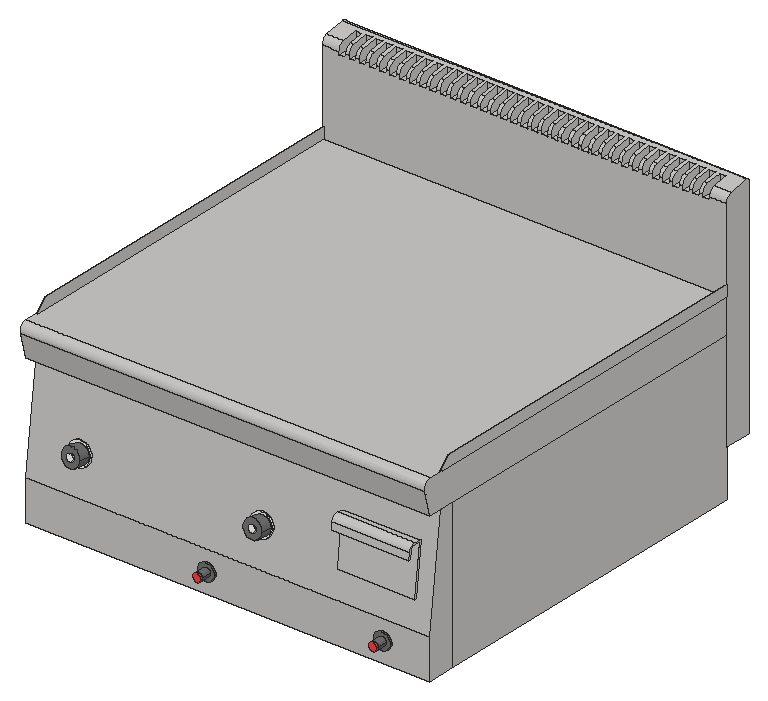
Revit family "QF_GIORIK_LGG6900", category Specialty Equipment, Revit 2014
Parameters (values of type "LGG6900")
  Weight in Pounds = 132.2772
  URL Cutsheet = "www.giorik.com"
  URL = "www.giorik.com"
  Status [instance] = ""
  Specification by User [instance] = ""
  Specification by Manufacturer = ""
  Show Logo [instance] = yes
  Show Clearance [instance] = yes
  Serial Number = ""
  Seismic Rating = ""
  SMACNA No = ""
  Revision Code [instance] = ""
  NAFEM Spec ID Number = ""
  Model = "LGG6900"
  Mechanical Remarks [instance] = "Natural Gas"
  Mechanical Connection Type [instance] = ""
  Masterspec = ""
  Manufacturer = "GIORIK"
  Item Number [instance] = ""
  Installed By [instance] = ""
  Identify Quantity as Lot [instance] = no
  Gas Size = 1"
  Gas RI Height [instance] = 0 mm
  Gas KW = 7.6
  Gas Input = 7600 W
  Gas Connection Height [instance] = 45 mm
  Furnished By [instance] = ""
  Foodservice Equipment Identifier [instance] = yes
  Description = "GRIDDLE SMOOTH"
  CSI MasterFormat = ""
  Assembly Code = "E1090320"
Reference planes
  plane 1 "Back": y = 0
  plane 2: z = 0
  plane 3 "Left": x = 0
  plane 4 "Right": x = 600
  plane 5 "Front": y = -600
  plane 6 "Top": z = 430
Forms (mm)
  Extrusion 1, solid
    sketch origin (0, 1000, -580) x (0, 1, 0) y (0, 0, 1)
      loop
        line (-1040.007, 869.975) -> (-1589.445, 869.975)
        arc (-1589.445, 869.975) -> (-1598.171, 865.672) -> (-1600.069, 856.13) r 10.999
        line (-1600.069, 856.13) -> (-1590.388, 820) -> (-1040.007, 820) -> (-1040.007, 869.975)
    from 0 to 600
  Extrusion 2, solid
    sketch origin (0, 0, -560) x (0, 1, 0) y (0, 0, 1)
      loop
        line (-570.06, 849.975) -> (-40.007, 849.975) -> (-40.007, 865.387) -> (-554.648, 865.387) -> (-570.06, 849.975)
    from 0 to 1.85
  Extrusion 3, solid
    sketch origin (0, 0, -560) x (0, 1, 0) y (0, 0, 1)
      loop
        line (-40.007, 800) -> (-550, 800) -> (-550, 580) -> (-40.007, 580) -> (-40.007, 800)
    from 0 to 600
  Extrusion 4, solid
    sketch origin (0, 0, -560) x (0, 1, 0) y (0, 0, 1)
      loop
        line (-550, 800) -> (-570.5, 800) -> (-590, 640) -> (-590, 580) -> (-550, 580) -> (-550, 800)
    from 0 to 600
  Extrusion 5, solid
    sketch origin (598.094, 0, -560) x (0, 1, 0) y (0, 0, 1)
      loop
        line (-570.06, 849.975) -> (-40.007, 849.975) -> (-40.007, 865.387) -> (-554.648, 865.387) -> (-570.06, 849.975)
    from -0.15 to 1.906
  Extrusion 6, solid
    sketch origin (0, 0, -560) x (0, 1, 0) y (0, 0, 1)
      loop
        line (-40.007, 974.217) -> (-40.007, 650.827) -> (0, 650.827) -> (0, 988.42)
        arc (0, 988.42) -> (-0.57, 989.648) -> (-1.878, 990) r 1.6
        line (-1.878, 990) -> (-31.072, 984.852)
        arc (-31.072, 984.852) -> (-37.477, 981.162) -> (-40.007, 974.217) r 10.797
    from 0 to 600
  Extrusion 7, solid
    sketch origin (103.819, 0, -561) x (1, 0, 0) y (0, 0, 1)
      loop
        circle (-38.319, 606) r 12.5
    from 20.007 to 40.007
  Extrusion 8, void
    sketch origin (10, 0, 430) x (0, 1, 0) y (-1, 0, 0)
      loop
        line (-40.007, -25) -> (-9.931, -25) -> (-9.931, -15) -> (-40.007, -15) -> (-40.007, -25)
      loop
        line (-40.007, -40) -> (-9.931, -40) -> (-9.931, -30) -> (-40.007, -30) -> (-40.007, -40)
      loop
        line (-40.007, -55) -> (-9.931, -55) -> (-9.931, -45) -> (-40.007, -45) -> (-40.007, -55)
      loop
        line (-40.007, -70) -> (-9.931, -70) -> (-9.931, -60) -> (-40.007, -60) -> (-40.007, -70)
      loop
        line (-40.007, -85) -> (-9.931, -85) -> (-9.931, -75) -> (-40.007, -75) -> (-40.007, -85)
      loop
        line (-40.007, -100) -> (-9.931, -100) -> (-9.931, -90) -> (-40.007, -90) -> (-40.007, -100)
      loop
        line (-40.007, -115) -> (-9.931, -115) -> (-9.931, -105) -> (-40.007, -105) -> (-40.007, -115)
      loop
        line (-40.007, -130) -> (-9.931, -130) -> (-9.931, -120) -> (-40.007, -120) -> (-40.007, -130)
      loop
        line (-40.007, -145) -> (-9.931, -145) -> (-9.931, -135) -> (-40.007, -135) -> (-40.007, -145)
      loop
        line (-40.007, -160) -> (-9.931, -160) -> (-9.931, -150) -> (-40.007, -150) -> (-40.007, -160)
      loop
        line (-40.007, -175) -> (-9.931, -175) -> (-9.931, -165) -> (-40.007, -165) -> (-40.007, -175)
      loop
        line (-40.007, -190) -> (-9.931, -190) -> (-9.931, -180) -> (-40.007, -180) -> (-40.007, -190)
      loop
        line (-40.007, -205) -> (-9.931, -205) -> (-9.931, -195) -> (-40.007, -195) -> (-40.007, -205)
      loop
        line (-40.007, -220) -> (-9.931, -220) -> (-9.931, -210) -> (-40.007, -210) -> (-40.007, -220)
      loop
        line (-40.007, -235) -> (-9.931, -235) -> (-9.931, -225) -> (-40.007, -225) -> (-40.007, -235)
      loop
        line (-40.007, -250) -> (-9.931, -250) -> (-9.931, -240) -> (-40.007, -240) -> (-40.007, -250)
      loop
        line (-40.007, -265) -> (-9.931, -265) -> (-9.931, -255) -> (-40.007, -255) -> (-40.007, -265)
      loop
        line (-40.007, -280) -> (-9.931, -280) -> (-9.931, -270) -> (-40.007, -270) -> (-40.007, -280)
      loop
        line (-40.007, -295) -> (-9.931, -295) -> (-9.931, -285) -> (-40.007, -285) -> (-40.007, -295)
      loop
        line (-40.007, -310) -> (-9.931, -310) -> (-9.931, -300) -> (-40.007, -300) -> (-40.007, -310)
      loop
        line (-40.007, -325) -> (-9.931, -325) -> (-9.931, -315) -> (-40.007, -315) -> (-40.007, -325)
      loop
        line (-40.007, -340) -> (-9.931, -340) -> (-9.931, -330) -> (-40.007, -330) -> (-40.007, -340)
      loop
        line (-40.007, -355) -> (-9.931, -355) -> (-9.931, -345) -> (-40.007, -345) -> (-40.007, -355)
      loop
        line (-40.007, -370) -> (-9.931, -370) -> (-9.931, -360) -> (-40.007, -360) -> (-40.007, -370)
      loop
        line (-40.007, -385) -> (-9.931, -385) -> (-9.931, -375) -> (-40.007, -375) -> (-40.007, -385)
      loop
        line (-40.007, -400) -> (-9.931, -400) -> (-9.931, -390) -> (-40.007, -390) -> (-40.007, -400)
      loop
        line (-40.007, -415) -> (-9.931, -415) -> (-9.931, -405) -> (-40.007, -405) -> (-40.007, -415)
      loop
        line (-40.007, -430) -> (-9.931, -430) -> (-9.931, -420) -> (-40.007, -420) -> (-40.007, -430)
      loop
        line (-40.007, -445) -> (-9.931, -445) -> (-9.931, -435) -> (-40.007, -435) -> (-40.007, -445)
      loop
        line (-40.007, -460) -> (-9.931, -460) -> (-9.931, -450) -> (-40.007, -450) -> (-40.007, -460)
      loop
        line (-40.007, -475) -> (-9.931, -475) -> (-9.931, -465) -> (-40.007, -465) -> (-40.007, -475)
      loop
        line (-40.007, -490) -> (-9.931, -490) -> (-9.931, -480) -> (-40.007, -480) -> (-40.007, -490)
      loop
        line (-40.007, -505) -> (-9.931, -505) -> (-9.931, -495) -> (-40.007, -495) -> (-40.007, -505)
      loop
        line (-40.007, -520) -> (-9.931, -520) -> (-9.931, -510) -> (-40.007, -510) -> (-40.007, -520)
      loop
        line (-40.007, -535) -> (-9.931, -535) -> (-9.931, -525) -> (-40.007, -525) -> (-40.007, -535)
      loop
        line (-40.007, -550) -> (-9.931, -550) -> (-9.931, -540) -> (-40.007, -540) -> (-40.007, -550)
      loop
        line (-40.007, -565) -> (-9.931, -565) -> (-9.931, -555) -> (-40.007, -555) -> (-40.007, -565)
    from 0 to -20
  Extrusion 9, solid
    sketch origin (566.603, 15.293, -30) x (0, 1, 0) y (-1, 0, 0)
      loop
        circle (-79.293, 516.603) r 5
    from 41.965 to 50
  Revolve 10, solid
    sketch origin (50, 19.943, -600) x (0, 1, 0) y (0, 0, 1)
      loop
        line (-83.943, 611.965) -> (-94.752, 611.965) -> (-97.943, 600) -> (-83.943, 600) -> (-83.943, 611.965)
      axis (-83.943, 611.965) -> (-83.943, 600)
    angle from 0 to 360
  Extrusion 11, solid
    sketch origin (33.397, 15.293, -30) x (0, 1, 0) y (-1, 0, 0)
      loop
        circle (-79.293, -516.603) r 5
    from 41.965 to 50
  Revolve 12, solid
    sketch origin (550, 19.943, -600) x (0, 1, 0) y (0, 0, -1)
      loop
        line (-83.943, -611.965) -> (-83.943, -600) -> (-97.943, -600) -> (-94.752, -611.965) -> (-83.943, -611.965)
      axis (-83.943, -611.965) -> (-83.943, -600)
    angle from 0 to 360
  Extrusion 13, solid
    sketch origin (566.603, -459.707, -30) x (0, 1, 0) y (-1, 0, 0)
      loop
        circle (-79.293, 516.603) r 5
    from 41.965 to 50
  Revolve 14, solid
    sketch origin (50, -455.057, -600) x (0, 1, 0) y (0, 0, 1)
      loop
        line (-83.943, 611.965) -> (-94.752, 611.965) -> (-97.943, 600) -> (-83.943, 600) -> (-83.943, 611.965)
      axis (-83.943, 611.965) -> (-83.943, 600)
    angle from 0 to 360
  Extrusion 15, solid
    sketch origin (33.397, -459.707, -30) x (0, 1, 0) y (-1, 0, 0)
      loop
        circle (-79.293, -516.603) r 5
    from 41.965 to 50
  Revolve 16, solid
    sketch origin (550, -455.057, -600) x (0, 1, 0) y (0, 0, -1)
      loop
        line (-83.943, -611.965) -> (-83.943, -600) -> (-97.943, -600) -> (-94.752, -611.965) -> (-83.943, -611.965)
      axis (-83.943, -611.965) -> (-83.943, -600)
    angle from 0 to 360
  Extrusion 17, solid
    sketch origin (322.5, -693.34, -437.283) x (0, 0.992655, -0.12098) y (0, 0.12098, 0.992655)
      loop
        line (40, 640.1) -> (30, 640.1)
        arc (30, 640.1) -> (22.929, 637.171) -> (20, 630.1) r 10
        line (20, 630.1) -> (20, 620.1) -> (22, 620.1) -> (22, 630.1)
        arc (22, 630.1) -> (24.343, 635.757) -> (30, 638.1) r 8
        line (30, 638.1) -> (38, 638.1) -> (38, 565.1) -> (40, 565.1) -> (40, 640.1)
    from 137.5 to 252.5
  Extrusion 18, solid
    sketch origin (491.298, -565.645, -661.695) x (1, 0, 0) y (0, 0.001091, 0.999999)
      loop
        circle (38.702, 711.666) r 12.5
    from 25 to 27
  Extrusion 19, solid
    sketch origin (-234.91, -592.652, -668.088) x (1, 0, 0) y (0, 0.001091, 0.999999)
      loop
        circle (764.91, 718.089) r 6
    from 0 to 15
  Extrusion 20, solid
    sketch origin (-234.91, -593.814, -668.087) x (1, 0, 0) y (0, 0.001091, 0.999999)
      loop
        circle (764.91, 718.089) r 6
    from 13.838 to 15.838
  Extrusion 21, solid
    sketch origin (75, -612.2, -102.153) x (1, 0, 0) y (0, 0.12098, 0.992655)
      loop
        circle (0, 240) r 14
    from 0 to 17.552
  Extrusion 22, solid
    sketch origin (75, -612.2, -102.153) x (1, 0, 0) y (0, 0.12098, 0.992655)
      loop
        circle (0, 240) r 17
    from 0 to 1.96
  Extrusion 23, solid
    sketch origin (5, -21.489, -73.279) x (1, 0, 0) y (0, 0.12098, 0.992655)
      loop
        circle (70, 139.874) r 5
    from 601.431 to 599.431
  Extrusion 24, solid
    sketch origin (345, -612.2, -102.153) x (1, 0, 0) y (0, 0.12098, 0.992655)
      loop
        circle (0, 240) r 14
    from 0 to 17.552
  Extrusion 25, solid
    sketch origin (345, -612.2, -102.153) x (1, 0, 0) y (0, 0.12098, 0.992655)
      loop
        circle (0, 240) r 17
    from 0 to 1.96
  Extrusion 26, solid
    sketch origin (275, -21.489, -73.279) x (1, 0, 0) y (0, 0.12098, 0.992655)
      loop
        circle (70, 139.874) r 5
    from 601.431 to 599.431
  Extrusion 27, solid
    sketch origin (230.298, -565.645, -661.695) x (1, 0, 0) y (0, 0.001091, 0.999999)
      loop
        circle (38.702, 711.666) r 12.5
    from 25 to 27
  Extrusion 28, solid
    sketch origin (-495.91, -592.652, -668.088) x (1, 0, 0) y (0, 0.001091, 0.999999)
      loop
        circle (764.91, 718.089) r 6
    from 0 to 15
  Extrusion 29, solid
    sketch origin (-495.91, -593.814, -668.087) x (1, 0, 0) y (0, 0.001091, 0.999999)
      loop
        circle (764.91, 718.089) r 6
    from 13.838 to 15.838
Cuts and joins
  Extrusion 8 cuts Extrusion 6
Lines and regions (mm)
  symbolic lines, style "200-EquipBorder-2D"
    curve 1: line (600, 0, 0) -> (0, 0, 0)
    curve 2: line (0, 0, 0) -> (0, -600, 0)
    curve 119: line (600, -600, 430) -> (600, 0, 430)
    curve 120: line (263, -608.868, 430) -> (263, -600, 430)
    curve 121: line (263, -608.868, 430) -> (275, -608.868, 430)
    curve 122: line (275, -608.868, 430) -> (275, -600, 430)
    curve 123: line (600, -600, 430) -> (0, -600, 430)
    curve 124: line (536, -608.868, 430) -> (536, -600, 430)
    curve 125: line (536, -608.868, 430) -> (524, -608.868, 430)
    curve 126: line (524, -608.868, 430) -> (524, -600, 430)
  symbolic lines, style "200-EquipInternal-2D"
    curve 3: line (600, -40.007, 430) -> (0, -40.007, 430)
    curve 4: line (597.944, -570.06, 430) -> (600, -570.06, 430)
    curve 5: line (597.944, -40.007, 430) -> (597.944, -570.06, 430)
    curve 6: line (0, -570.06, 430) -> (1.85, -570.06, 430)
    curve 7: line (1.85, -570.06, 430) -> (1.85, -40.007, 430)
    curve 8: line (25, -9.931, 290) -> (25, -40.007, 290)
    curve 9: line (35, -40.007, 290) -> (35, -9.931, 290)
    curve 10: line (40, -9.931, 290) -> (40, -40.007, 290)
    curve 11: line (50, -40.007, 290) -> (50, -9.931, 290)
    curve 12: line (55, -9.931, 290) -> (55, -40.007, 290)
    curve 13: line (65, -40.007, 290) -> (65, -9.931, 290)
    curve 14: line (85, -9.931, 290) -> (85, -40.007, 290)
    curve 15: line (95, -40.007, 290) -> (95, -9.931, 290)
    curve 16: line (100, -9.931, 290) -> (100, -40.007, 290)
    curve 17: line (110, -40.007, 290) -> (110, -9.931, 290)
    curve 18: line (140, -40.007, 290) -> (140, -9.931, 290)
    curve 19: line (130, -9.931, 290) -> (130, -40.007, 290)
    curve 20: line (155, -40.007, 290) -> (155, -9.931, 290)
    curve 21: line (160, -9.931, 290) -> (160, -40.007, 290)
    curve 22: line (170, -40.007, 290) -> (170, -9.931, 290)
    curve 23: line (145, -9.931, 290) -> (145, -40.007, 290)
    curve 24: line (200, -40.007, 290) -> (200, -9.931, 290)
    curve 25: line (190, -9.931, 290) -> (190, -40.007, 290)
    curve 26: line (205, -9.931, 290) -> (205, -40.007, 290)
    curve 27: line (215, -40.007, 290) -> (215, -9.931, 290)
    curve 28: line (220, -9.931, 290) -> (220, -40.007, 290)
    curve 29: line (230, -40.007, 290) -> (230, -9.931, 290)
    curve 30: line (250, -9.931, 290) -> (250, -40.007, 290)
    curve 31: line (260, -40.007, 290) -> (260, -9.931, 290)
    curve 32: line (265, -9.931, 290) -> (265, -40.007, 290)
    curve 33: line (275, -40.007, 290) -> (275, -9.931, 290)
    curve 34: line (280, -9.931, 290) -> (280, -40.007, 290)
    curve 35: line (290, -40.007, 290) -> (290, -9.931, 290)
    curve 36: line (320, -40.007, 290) -> (320, -9.931, 290)
    curve 37: line (310, -9.931, 290) -> (310, -40.007, 290)
    curve 38: line (335, -40.007, 290) -> (335, -9.931, 290)
    curve 39: line (325, -9.931, 290) -> (325, -40.007, 290)
    curve 40: line (340, -9.931, 290) -> (340, -40.007, 290)
    curve 41: line (350, -40.007, 290) -> (350, -9.931, 290)
    curve 42: line (370, -9.931, 290) -> (370, -40.007, 290)
    curve 43: line (380, -40.007, 290) -> (380, -9.931, 290)
    curve 44: line (385, -9.931, 290) -> (385, -40.007, 290)
    curve 45: line (395, -9.931, 290) -> (385, -9.931, 290)
    curve 46: line (380, -9.931, 290) -> (370, -9.931, 290)
    curve 47: line (350, -9.931, 290) -> (340, -9.931, 290)
    curve 48: line (335, -9.931, 290) -> (325, -9.931, 290)
    curve 49: line (320, -9.931, 290) -> (310, -9.931, 290)
    curve 50: line (275, -9.931, 290) -> (265, -9.931, 290)
    curve 51: line (110, -9.931, 290) -> (100, -9.931, 290)
    curve 52: line (95, -9.931, 290) -> (85, -9.931, 290)
    curve 53: line (65, -9.931, 290) -> (55, -9.931, 290)
    curve 54: line (35, -9.931, 290) -> (25, -9.931, 290)
    curve 55: line (140, -9.931, 290) -> (130, -9.931, 290)
    curve 56: line (155, -9.931, 290) -> (145, -9.931, 290)
    curve 57: line (170, -9.931, 290) -> (160, -9.931, 290)
    curve 58: line (200, -9.931, 290) -> (190, -9.931, 290)
    curve 59: line (215, -9.931, 290) -> (205, -9.931, 290)
    curve 60: line (230, -9.931, 290) -> (220, -9.931, 290)
    curve 61: line (260, -9.931, 290) -> (250, -9.931, 290)
    curve 62: line (50, -9.931, 290) -> (40, -9.931, 290)
    curve 63: line (70, -9.931, 430) -> (70, -40.007, 430)
    curve 64: line (80, -40.007, 430) -> (80, -9.931, 430)
    curve 65: line (80, -9.931, 430) -> (70, -9.931, 430)
    curve 66: line (115, -9.931, 430) -> (115, -40.007, 430)
    curve 67: line (125, -40.007, 430) -> (125, -9.931, 430)
    curve 68: line (125, -9.931, 430) -> (115, -9.931, 430)
    curve 69: line (175, -9.931, 430) -> (175, -40.007, 430)
    curve 70: line (185, -40.007, 430) -> (185, -9.931, 430)
    curve 71: line (185, -9.931, 430) -> (175, -9.931, 430)
    curve 72: line (235, -9.931, 430) -> (235, -40.007, 430)
    curve 73: line (245, -40.007, 430) -> (245, -9.931, 430)
    curve 74: line (245, -9.931, 430) -> (235, -9.931, 430)
    curve 75: line (290, -9.931, 430) -> (280, -9.931, 430)
    curve 76: line (305, -9.931, 430) -> (295, -9.931, 430)
    curve 77: line (295, -9.931, 430) -> (295, -40.007, 430)
    curve 78: line (305, -40.007, 430) -> (305, -9.931, 430)
    curve 79: line (355, -9.931, 430) -> (355, -40.007, 430)
    curve 80: line (365, -40.007, 430) -> (365, -9.931, 430)
    curve 81: line (365, -9.931, 430) -> (355, -9.931, 430)
    curve 82: line (395, -40.007, 430) -> (395, -9.931, 430)
    curve 83: line (400, -9.931, 430) -> (400, -40.007, 430)
    curve 84: line (410, -40.007, 430) -> (410, -9.931, 430)
    curve 85: line (410, -9.931, 430) -> (400, -9.931, 430)
    curve 86: line (425, -9.931, 430) -> (415, -9.931, 430)
    curve 87: line (415, -9.931, 430) -> (415, -40.007, 430)
    curve 88: line (425, -40.007, 430) -> (425, -9.931, 430)
    curve 89: line (430, -9.931, 430) -> (430, -40.007, 430)
    curve 90: line (440, -40.007, 430) -> (440, -9.931, 430)
    curve 91: line (440, -9.931, 430) -> (430, -9.931, 430)
    curve 92: line (445, -9.931, 430) -> (445, -40.007, 430)
    curve 93: line (455, -40.007, 430) -> (455, -9.931, 430)
    curve 94: line (460, -9.931, 430) -> (460, -40.007, 430)
    curve 95: line (470, -40.007, 430) -> (470, -9.931, 430)
    curve 96: line (475, -9.931, 430) -> (475, -40.007, 430)
    curve 97: line (485, -40.007, 430) -> (485, -9.931, 430)
    curve 98: line (490, -9.931, 430) -> (490, -40.007, 430)
    curve 99: line (500, -40.007, 430) -> (500, -9.931, 430)
    curve 100: line (505, -9.931, 430) -> (505, -40.007, 430)
    curve 101: line (515, -40.007, 430) -> (515, -9.931, 430)
    curve 102: line (520, -9.931, 430) -> (520, -40.007, 430)
    curve 103: line (530, -40.007, 430) -> (530, -9.931, 430)
    curve 104: line (535, -9.931, 430) -> (535, -40.007, 430)
    curve 105: line (545, -40.007, 430) -> (545, -9.931, 430)
    curve 106: line (550, -9.931, 430) -> (550, -40.007, 430)
    curve 107: line (560, -40.007, 430) -> (560, -9.931, 430)
    curve 108: line (565, -9.931, 430) -> (565, -40.007, 430)
    curve 109: line (455, -9.931, 430) -> (445, -9.931, 430)
    curve 110: line (470, -9.931, 430) -> (460, -9.931, 430)
    curve 111: line (485, -9.931, 430) -> (475, -9.931, 430)
    curve 112: line (500, -9.931, 430) -> (490, -9.931, 430)
    curve 113: line (515, -9.931, 430) -> (505, -9.931, 430)
    curve 114: line (530, -9.931, 430) -> (520, -9.931, 430)
    curve 115: line (545, -9.931, 430) -> (535, -9.931, 430)
    curve 116: line (560, -9.931, 430) -> (550, -9.931, 430)
    curve 117: line (575, -9.931, 430) -> (565, -9.931, 430)
    curve 118: line (575, -40.007, 430) -> (575, -9.931, 430)
Dimensions and locks
  plane 3 "Left" to plane 4 "Right" = 600 mm
  plane 5 "Front" to plane 1 "Back" = 600 mm
  plane 4 "Right" to plane 3 "Left" = 600 mm
  plane 1 "Back" to plane 5 "Front" = 600 mm
  plane 6 "Top" to level = 430 mm  (x2)
  aligned and locked: level to plane 2
Connectors
  piping at (65.5, -20.007, 45), diameter 25.4, driven by "Gas Size"
    settings: on Extrusion 7, index 1, connector inside diameter 24", connector length 0 mm, flow factor 0, pipe flow 0.0 L/s, pressure drop 0.0 Pa, fitting loss kfactor 0, connector angle 0.00°, fixture units 0, engagement length 0 mm, angle of deflection 0.00°, flow configuration 1, flow direction 1, fitting loss method 0, system type 22, joint type 0, gender type 0, connector reference index -1, connector utility 0, adjustable connector no, is connector primary yes, connector description "Gas inlet"
